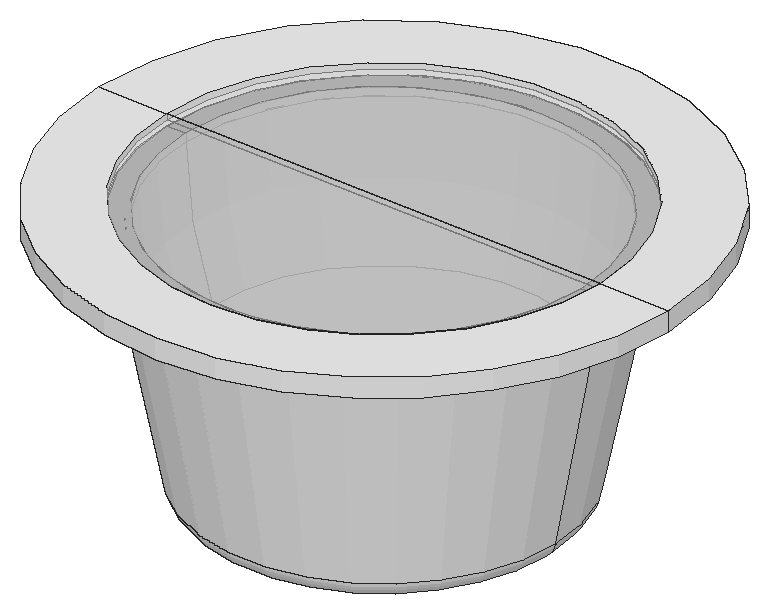
Revit family "2060557+2039013 Sylvania Lighting Fixture ASCENT 100 II ARCH 1900 4K DALI 160 with IP54 PC Cover", category Lighting Fixtures, host Face, Revit 2016
Family settings
  Host = Face
  Part Type = Normal
  Round Connector Dimension = Use Diameter
  OmniClass Number = 23.80.70.11.17
  OmniClass Title = Specialized Lighting by Location or Use
  Cut with Voids When Loaded = No
  Light Source = Yes
  Shared = No
  Room Calculation Point = No
Parameters (values of type "2060557+2039013 ASCT100 II ARCH 1900 4K DALI 160 with IP54 PC Cover")
  WidthBezelAcc_SYL = 25.0 mm
  Weight = "1.2 kg"
  Wattage = 17 W
  WarrantyStartDate [instance] = "n/a"
  WarrantyGuarantorParts = "n/a"
  WarrantyDurationUnit = "n/a"
  WarrantyDurationParts = "n/a"
  WarrantyDescription = "n/a"
  built-in parameter 1150110 = 1 (stored number, unit not read)
  Voltage = 0 V
  VisibilityAccessory_SYL = yes
  TypeName = "ASCENT 100 II ARCH 1900 4K DALI 160 with IP54 PC Cover"
  built-in parameter 1114217 = 1 (stored number, unit not read)
  Tilt Angle = -90°
  built-in parameter 1150109 = 1 (stored number, unit not read)
  built-in parameter 1150134 = 12
  built-in parameter 1150113 = 1 (stored number, unit not read)
  SerialNumber [instance] = "n/a"
  ReflectorRadius_SYL = Radius_SYL - 14.5 mm  # 80.0 mm
  RadiusAcc_SYL = 105.0 mm
  Radius_SYL = 94.5 mm
  URL = "http://www.sylvania-lighting.com"
  PowerFactor = 0
  PowerConsumption = "17 W"
  Photometric Web File = "2060557.ies"
  NominalWidth = 0.0 mm
  NominalLength = 0.0 mm
  NominalHeight = 94.0 mm
  Name = "ASCENT 100 II ARCH 1900 4K DALI 160 with IP54 PC Cover"
  ModelReference = "ASCENT 100 II ARCH 1900 4K DALI 160 with IP54 PC Cover"
  ModelNumber = "2060557+2039013"
  Material_4_SYL = none
  Material_3_SYL = Polycarbonate_Sylvania_Ascent_Clear
  Material_2_SYL = Aluminium_Sylvania_Ascent_Silver
  Material_1_SYL = Aluminum_Sylvania_Ascent_White
  Material = "aluminium housing, arcylic diffuser"
  ManufacturerName = "Feilo Sylvania"
  LuminousEfficacy = "113 lm/W"
  built-in parameter 1150105 = 152.87 (stored number, unit not read)
  Lumens = 1921 lm
  LuminaireType = ""
  built-in parameter 1150115 = 1 (stored number, unit not read)
  LightOutputRatio = "100"
  built-in parameter 1150137 = (empty or 0)
  built-in parameter 1150139 = (empty or 0)
  LampsType = Lamp  # "LED"
  LampNominalLuminous = "1921 lm"
  LampMacAdamStep = "3"
  LampColourTemperature = "4000 K"
  LampColourRenderingIndex = "80"
  built-in parameter 1150112 = 1 (stored number, unit not read)
  built-in parameter 1150114 = 1 (stored number, unit not read)
  Keynote = "16500"
  InstallationDate [instance] = "n/a"
  InputVoltage = "n/a"
  InputNominalFrequency = "n/a"
  built-in parameter 1150132 = (empty or 0)
  built-in parameter 1150102 = (empty or 0)
  built-in parameter 1150107 = 4000 (stored number, unit not read)
  built-in parameter 1150138 = (empty or 0)
  IngressProtection = "IP54"
  ImpactProtectionIndex = "IK02"
  built-in parameter 1150106 = 1.5287 (stored number, unit not read)
  IfcExportType = "IfcLightFixtureType"
  IfcExportAs = "IfcLightFixtureType"
  Height_SYL = 94.0 mm
  HeightAcc_SYL = 7.0 mm
  ExpectedLife = 50000
  EmittionSurface_SYL = if(VisibilityAccessory_SYL, 7.0 mm, 3.0 mm)  # 7.0 mm
  Emit from Circle Diameter = DiffuserRadius_SYL * 2  # 146.0 mm
  Emit Shape Visible in Rendering = no
  ElectricShockClassification = "Class II"
  built-in parameter 1150104 = 10.498 (stored number, unit not read)
  DurationUnit = "hours"
  DocumentationLiterature = "http://www.sylvania-lighting.com/product/en-int/products/2060557"
  DimmingControlOptions = "n/a"
  Dimming Lamp Color Temperature Shift = <None>
  DiffuserRadius_SYL = ReflectorRadius_SYL - 7.0 mm  # 73.0 mm
  Diameter_SYL = 2 * Radius_SYL  # 189.0 mm
  CutoutDiameter_SYL = Diameter_SYL - 13.0 mm  # 176.0 mm
  CreatedOn = "9/17/2018"
  CreatedBy = "@sylvania-lighting.com"
  Color Filter = 16777215
  built-in parameter 1114216 [instance] = 1 (stored number, unit not read)
  Model = "ASCENT 100 II ARCH 1900 4K DALI 160 with IP54 PC Cover"
  Manufacturer = "Feilo Sylvania"
  Lamp = "LED"
  Description = "Direct LED retro fit for original LED 100 Arch (160) single CFL lamp offering Matching lumen levels and improved light distribution of original LED 100 CFL lamp equivalents Typically half the power consumption compared to CFL Up to 112lm/W 160mm aperture Architectural reflector accepts range of glass accessories from existing LED 100 Arch 160 offering HE, HO and VHO versions equivalent of single 1 x 18W, 1 x 32W, 1 x 42W\r\n Additional VVHO versions which offer the performance circa 2 x 32W equivalent"  # constant formula
  Default Elevation = 0.0 mm
  built-in parameter 1140040 [instance] = 1
  BarCode [instance] = "n/a"
  built-in parameter 1114218 = 1 (stored number, unit not read)
  built-in parameter 1150133 = 10 (stored number, unit not read)
  AssetType = "Fixed"
  AssetIdentifier [instance] = "n/a"
  Assembly Code = "D5020200"
  Apparent Load = 17 VA
  Aperture_SYL = 2 * ReflectorRadius_SYL  # 160.0 mm
Reference planes
  plane 1 "Center (Front/Back)": y = 0
  plane 2: z = 0
  plane 3 "Center (Left/Right)": x = 0
  plane 4 "Fixture Bottom": z = 3
  plane 5: z = -52.5
  plane 6 "Fixture Top": z = -91
  plane 7: x = -105
  plane 8: z = 7
  plane 9: x = -80
  plane 10: z = 5
  plane 11: x = -103
Forms (mm)
  Extrusion 1, solid, material "Aluminum_Sylvania_Ascent_White", detail levels fine
    sketch origin (0, 0, 0) x (1, 0, 0) y (0, 1, 0)
      loop
        circle (0, 0) r 94.5
      loop
        circle (0, 0) r 80
    from 0 to 3
  Extrusion 2, void
    sketch origin (0, 0, 0) x (1, 0, 0) y (0, 1, 0)
      loop
        circle (0, 0) r 88
    from -91 to 3
  Revolve 3, solid, material "Aluminum_Sylvania_Ascent_White" <- "Material_1_SYL", detail levels fine
    sketch origin (0, 0, 0) x (1, 0, 0) y (0, 0, 1)
      loop
        line (0, -91.073) -> (0, -89.023) -> (-55.468, -89.014)
        arc (-55.468, -89.014) -> (-59.352, -87.613) -> (-61.54, -84.139) r 6.307
        line (-61.54, -84.139) -> (-77.991, -2.844) -> (-77.991, 0) -> (-80, 0) -> (-80, -3) -> (-63.5, -84.536)
        arc (-63.5, -84.536) -> (-60.643, -89.203) -> (-55.5, -91.073) r 8.291
        line (-55.5, -91.073) -> (0, -91.073)
      axis (0, 0) -> (0, -91.073)
    angle from 0 to 360
  Revolve 4, solid, material "Aluminium_Sylvania_Ascent_Silver" <- "Material_2_SYL", detail levels fine
    sketch origin (0, 0, 0) x (1, 0, 0) y (0, 0, 1)
      loop
        line (-80, 3) -> (-80, 0) -> (-75, 0)
        arc (-75, 0) -> (-72.349, -26.77) -> (-64.5, -52.5) r 136.5
        line (-64.5, -52.5) -> (-58, -52.5)
        arc (-58, -52.5) -> (-56.857, -61.521) -> (-53.5, -69.971) r 36.166
        line (-53.5, -69.971) -> (0, -69.971) -> (0, -50.5) -> (-63.16, -50.5)
        arc (-63.16, -50.5) -> (-70.517, -25.725) -> (-73, 0) r 134.5
        line (-73, 0) -> (-73, 3) -> (-80, 3)
      axis (0, 3) -> (0, -69.971)
    angle from 0 to 360
  Extrusion 5, solid, material "Polycarbonate_Sylvania_Ascent_Clear" <- "Material_3_SYL", detail levels fine
    sketch origin (0, 0, 0) x (1, 0, 0) y (0, 1, 0)
      loop
        circle (0, 0) r 73
    from 0 to 3
  Revolve 6, solid, material "Aluminum_Sylvania_Ascent_White" <- "Material_1_SYL", detail levels coarse+medium
    sketch origin (0, 0, 0) x (1, 0, 0) y (0, 0, 1)
      loop
        line (0, -91.073) -> (0, 3) -> (-94.5, 3) -> (-94.5, 0) -> (-79.5, 0) -> (-79.5, -3) -> (-63, -84.536)
        arc (-63, -84.536) -> (-60.143, -89.203) -> (-55, -91.073) r 8.291
        line (-55, -91.073) -> (0, -91.073)
      axis (0, 3) -> (0, -91.073)
    angle from 0 to 360
  Revolve 7, solid, material "Aluminum_Sylvania_Ascent_White" <- "Material_1_SYL", visible <- "VisibilityAccessory_SYL"
    sketch origin (0, 0, 0) x (1, 0, 0) y (0, 0, 1)
      loop
        line (-105, 0) -> (-103, 0) -> (-103, 5) -> (-80, 5) -> (-80, 7) -> (-105, 7) -> (-105, 0)
      axis (0, 7) -> (0, 0)
    angle from 0 to 360
  Revolve 8, solid, material "Polycarbonate_Sylvania_Ascent_Clear" <- "Material_3_SYL", visible <- "VisibilityAccessory_SYL"
    sketch origin (0, 0, 0) x (1, 0, 0) y (0, 0, 1)
      loop
        line (-80, 7) -> (-80, 5) -> (0, 5) -> (0, 7) -> (-80, 7)
      axis (0, 7) -> (0, 5)
    angle from 0 to 360
Lines and regions (mm)
  reference lines
    curve 1: line (-150, 0, 7) -> (125, 0, 7)
Dimensions and locks
  locked: plane 4 "Fixture Bottom" to plane 2 at 3
  "Height_SYL": plane 4 "Fixture Bottom" to plane 6 "Fixture Top"
  "ReflectorRadius_SYL": plane 3 "Center (Left/Right)" to Revolve 4 sketch curve
  locked: Revolve 4 sketch curve to Revolve 4 sketch curve at 15.5
  locked: Revolve 4 sketch curve to Revolve 4 sketch curve at 5
  locked: Revolve 4 sketch curve to Revolve 4 sketch curve at 7
  locked: Revolve 4 sketch curve to Revolve 4 sketch curve at 22
  locked: Revolve 4 sketch curve to Revolve 4 sketch curve at 26.5
  locked: Revolve 3 sketch curve to Revolve 3 sketch curve at 16.5
  locked: Revolve 3 sketch curve to Revolve 3 sketch curve at 24.5
  "ReflectorRadius_SYL": Revolve 3 sketch curve to plane 3 "Center (Left/Right)"
  locked: Revolve 3 sketch curve to plane 6 "Fixture Top" at 6.464
  locked: plane 2 to Revolve 3 sketch curve at 3
  locked: Revolve 3 sketch curve to Revolve 3 sketch curve at 2
  locked: Revolve 3 sketch curve to Revolve 3 sketch curve at 2.009
  locked: plane 2 to plane 5 at 52.5
  locked: Revolve 6 sketch curve to Revolve 6 sketch curve at 31.5
  locked: Revolve 6 sketch curve to Revolve 6 sketch curve at 39.5
  locked: Revolve 6 sketch curve to Revolve 6 sketch curve at 15
  "Radius_SYL": plane 3 "Center (Left/Right)" to Revolve 6 sketch curve
  "RadiusAcc_SYL": plane 3 "Center (Left/Right)" to plane 7
  "HeightAcc_SYL": plane 8 to level
  "WidthBezelAcc_SYL": plane 7 to plane 9
  locked: plane 7 to plane 11 at 2
  locked: plane 8 to plane 10 at 2
  "EmittionSurface_SYL": curve 1 to level
  "CutoutDiameter_SYL": diameter of Extrusion 2 sketch curve
  "ReflectorRadius_SYL": radius of Extrusion 1 sketch curve
  "DiffuserRadius_SYL": radius of Extrusion 5 sketch curve
  "Radius_SYL": radius of Extrusion 1 sketch curve
  aligned and locked: host face to plane 2
  aligned and locked: host face to level
  aligned and locked: plane 4 "Fixture Bottom" to Extrusion 1
  aligned and locked: Extrusion 1 to plane 2
  aligned and locked: Revolve 3 sketch curve to plane 3 "Center (Left/Right)"
  aligned and locked: Revolve 4 sketch curve to plane 3 "Center (Left/Right)"  (x2)
  aligned and locked: plane 4 "Fixture Bottom" to Revolve 4 sketch curve
  aligned and locked: Extrusion 5 to plane 2
  aligned and locked: plane 2 to Revolve 3 sketch curve  (x2)
  aligned and locked: Revolve 6 sketch curve to plane 3 "Center (Left/Right)"
  aligned and locked: plane 6 "Fixture Top" to Extrusion 2
  aligned and locked: Revolve 7 sketch curve to plane 3 "Center (Left/Right)"
  aligned and locked: host face to Revolve 7 sketch curve  (x2)
  aligned and locked: Revolve 7 sketch curve to plane 7
  aligned and locked: plane 8 to Revolve 7 sketch curve
  aligned and locked: plane 9 to Revolve 7 sketch curve
  aligned and locked: Revolve 7 sketch curve to plane 10
  aligned and locked: plane 11 to Revolve 7 sketch curve
  aligned and locked: Revolve 7 to Revolve 8 sketch curve
  aligned and locked: Revolve 8 sketch curve to Revolve 7  (x2)
  aligned and locked: Revolve 8 sketch curve to plane 3 "Center (Left/Right)"  (x2)
  aligned and locked: plane 3 "Center (Left/Right)" to imposter light
  aligned and locked: imposter light to plane 1 "Center (Front/Back)"
  aligned and locked: imposter light to curve 1
Automatic sketch dimensions
  plane 1 "Center (Front/Back)" to Extrusion 2 sketch curve = 0.0 mm
  Extrusion 2 sketch curve to plane 3 "Center (Left/Right)" = 0.0 mm
  Extrusion 1 sketch curve to Extrusion 1 sketch curve = 0.0 mm  (x2)
  plane 1 "Center (Front/Back)" to Extrusion 1 sketch curve = 0.0 mm
  Extrusion 1 sketch curve to plane 3 "Center (Left/Right)" = 0.0 mm
  plane 6 "Fixture Top" to Revolve 3 sketch curve = 0.073 mm
  Revolve 3 sketch curve to plane 6 "Fixture Top" = 6.861 mm
  Revolve 3 sketch curve to Revolve 3 sketch curve = 0.003 mm
  Revolve 3 sketch curve to Revolve 3 sketch curve = 0.009 mm  (x2)
  Revolve 3 sketch curve to Revolve 3 sketch curve = 0.023 mm
  Revolve 3 sketch curve to Revolve 3 sketch curve = 0.072 mm
  Revolve 3 sketch curve to Revolve 3 sketch curve = 0.008 mm
  Revolve 3 sketch curve to plane 6 "Fixture Top" = 1.977 mm
  Revolve 3 sketch curve to Revolve 3 sketch curve = 33.496 mm
  Revolve 3 sketch curve to Revolve 3 sketch curve = 0.028 mm
  plane 4 "Fixture Bottom" to Revolve 3 sketch curve = 82.431 mm
  Revolve 4 sketch curve to Revolve 4 sketch curve = 0.0 mm  (x2)
  Revolve 4 sketch curve to plane 5 = 0.0 mm
  Revolve 4 sketch curve to level = 0.0 mm
  plane 5 to Revolve 4 sketch curve = 2.0 mm
  plane 4 "Fixture Bottom" to Revolve 4 sketch curve = 9.642 mm
  plane 1 "Center (Front/Back)" to Extrusion 5 sketch curve = 0.0 mm
  Extrusion 5 sketch curve to plane 3 "Center (Left/Right)" = 0.0 mm
  Revolve 4 sketch curve to level = 69.971 mm
  Revolve 4 sketch curve to Revolve 4 sketch curve = 2.387 mm
  Revolve 6 sketch curve to level = 0.0 mm
  Revolve 6 sketch curve to plane 3 "Center (Left/Right)" = 0.0 mm
  Revolve 6 sketch curve to Revolve 6 sketch curve = 8.104 mm
  Revolve 6 sketch curve to level = 3.0 mm
  Revolve 6 sketch curve to plane 6 "Fixture Top" = 6.464 mm
  plane 6 "Fixture Top" to Revolve 6 sketch curve = 0.073 mm
  Revolve 6 sketch curve to Revolve 6 sketch curve = 33.496 mm
  plane 4 "Fixture Bottom" to Revolve 6 sketch curve = 82.431 mm
  host sketch curve to host sketch curve = 1704.996 mm
  host sketch curve to host sketch curve = 1500.0 mm
  plane 6 "Fixture Top" to Revolve 7 sketch curve = 281.274 mm
  Revolve 7 sketch curve to plane 8 = 1140.706 mm
  plane 6 "Fixture Top" to Revolve 8 sketch curve = 281.274 mm
  Revolve 8 sketch curve to Revolve 8 sketch curve = 1140.706 mm
  Revolve 3 sketch curve to plane 3 "Center (Left/Right)" = 0.0 mm
  Revolve 6 sketch curve to plane 4 "Fixture Bottom" = 0.0 mm
  plane 7 to curve 1 = 45.0 mm
  plane 3 "Center (Left/Right)" to curve 1 = 125.0 mm
Connectors
  electrical at (0, 0, -91.073), driven by "Apparent Load"
    settings: on Revolve 3, index 1, voltage 240 V, apparent load 0 VA, apparent load phase1 17 VA, apparent load phase2 0 VA, apparent load phase3 0 VA, power factor 1, load classification "Lighting", number of poles 1, system type 31, power factor state 1, is connector primary yes, connector utility no, sub classification motor no, connector description ""
